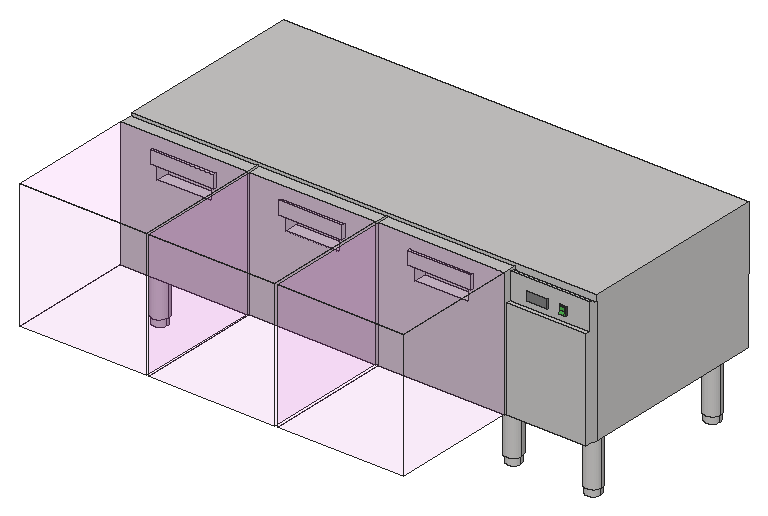
Revit family "QF_ELECTROLUXPROFESSIONAL_371292_E7TTAECOMKN", category Specialty Equipment, Revit 2018
Family settings
  Round Connector Dimension = Use Diameter
  Part Type = Normal
  Work Plane-Based = No
  Always vertical = Yes
  Cut with Voids When Loaded = No
  Shared = No
  Room Calculation Point = No
Parameters (values of type "Standard")
  Weight = 110.00 kg
  Watts = 0 W
  Volts = 220 V
  URL Manufacturer = "http://professional.electrolux.com"
  URL = "http://professional.electrolux.com"
  Steam Supply Size = 0 mm
  Steam Supply Minimum Pressure = 0.0 Pa
  Steam Supply Maximum Pressure = 0.0 Pa
  Steam Pounds per Hour = 0
  Refrigeration Suction Line Size = 0 mm
  Refrigeration Liquid Line Size = 0 mm
  Refrigerant Compressor Remote = yes
  Manufacturer = "Electrolux Professional"
  Phase = 1
  Model = "E7TTAECOMKN"
  Length Actual = 1600 mm  # constant formula
  Item Number = "371292"
  Hot Water Size = 0 mm
  Height Actual = 600 mm  # constant formula
  HP = "0.5 HP"
  Gas Size = 0 mm
  Gas KW = 0
  Gas Input Pressure = 0 W
  Direct Waste Size = 12.7 mm
  Description = "REFRIGERATED BASE WITH 3 DRAWERS 1600MM - R290"
  Depth Actual = 700 mm  # constant formula
  Cycle = 50 Hz
  Condensate Return Size = 0 mm
  Compressed Air Volume = 0.0 L/s
  Compressed Air Size = 0 mm
  Compressed Air Pressure = 0.0 Pa
  Cold Water Size = 0 mm
  Accessory = yes
Values of the unnamed type that differ from the named types
  Volts = 0 V
  URL Manufacturer = ""
  Item Number = ""
  Cycle = 0 Hz
Reference planes
  plane 1 "Center X": y = 0
  plane 2: z = 0
  plane 3 "Centro (Sinistra/Destra)": x = 0
  plane 4: z = 200
  plane 5 "TOP": z = 650
  plane 6 "BACK": y = 350
  plane 7 "FRONT": y = -350
  plane 8 "LEFT": x = -800
  plane 9 "RIGHT": x = 800
  plane 10: y = -303
  plane 11: y = -348
  plane 12: x = -745
  plane 13: x = 745
  plane 14: x = 471
  plane 15: y = 262
  plane 16: y = -249
  plane 17: x = 286
  plane 18: x = -799
  plane 19: x = 799
  plane 20: y = 190
  plane 21: x = 560
Forms (mm)
  Extrusion 1, solid, material "QF_Finishes_Stainless Steel"
    sketch origin (0, 0, 650) x (-1, 0, 0) y (0, -1, 0)
      loop
        line (799, -350) -> (799, 303) -> (-799, 303) -> (-799, -350) -> (799, -350)
    from -450 to 0
  Extrusion 2, solid, material "QF_Finishes_Stainless Steel"
    sketch origin (196, -342.999, 0) x (-1, 0, 0) y (0, 0, 1)
      loop
        line (995, 201.587) -> (995, 640.994) -> (560.999, 640.994) -> (560.999, 201.587) -> (995, 201.587)
      loop
        line (871.3, 506.706) -> (871.3, 585) -> (684.699, 585) -> (684.699, 506.706) -> (871.3, 506.706)
    from -5.001 to 39.999
  Extrusion 3, solid, material "QF_Door-Drawer Clearances"
    sketch origin (196, -348, 0) x (1, 0, 0) y (0, 0, 1)
      loop
        line (-995, 640.994) -> (-995, 201.587) -> (-560.999, 201.587) -> (-560.999, 640.994) -> (-995, 640.994)
    from 0 to 434
  Extrusion 4, solid, material "QF_Finishes_Stainless Steel"
    sketch origin (196, -348, 0) x (1, 0, 0) y (0, 0, 1)
      loop
        line (-886.3, 598.969) -> (-886.3, 553.969) -> (-669.699, 553.969) -> (-669.699, 598.969) -> (-886.3, 598.969)
    from 0 to 10
  Extrusion 5, solid, material "QF_Finishes_Stainless Steel"
    sketch origin (200, 0, 0) x (1, 0, 0) y (0, 1, 0)
      loop
        circle (560, 190) r 6
    from 189.987 to 200
  Extrusion 6, solid, material "QF_Finishes_Stainless Steel"
    sketch origin (799, 66.551, 0) x (0, 1, 0) y (0, 0, 1)
      loop
        line (-369.551, 629.527) -> (-386.314, 640.994) -> (-397.65, 640.994) -> (-397.65, 549.796) -> (-414.551, 549.796) -> (-414.551, 204.796) -> (-384.714, 204.796) -> (-374.993, 200) -> (-369.551, 200) -> (-369.551, 629.527)
    from 0 to -271
  Extrusion 7, solid, material "QF_Finishes_Black"
    sketch origin (783, -331.099, 630.994) x (0, 0, -1) y (1, 0, 0)
      loop
        line (32.198, -86.899) -> (61.199, -86.899) -> (61.199, -64.9) -> (32.198, -64.9) -> (32.198, -86.899)
    from 0 to 1.6
  Extrusion 8, solid, material "QF_Finishes_Grey"
    sketch origin (789, -331.099, 630.994) x (0, 0, -1) y (1, 0, 0)
      loop
        line (32.198, -206.099) -> (61.199, -206.099) -> (61.199, -136.099) -> (32.198, -136.099) -> (32.198, -206.099)
    from 0 to 1.6
  Extrusion 9, solid, material "QF_Finishes_Green"
    sketch origin (718.1, -331.099, 598.796) x (0, 0, -1) y (0, 1, 0)
      loop
        line (2.279, -3.281) -> (14.5, -3.281) -> (25.308, -8.985)
        arc (25.308, -8.985) -> (26.537, -5.394) -> (26.605, -1.6) r 12.221
        line (26.605, -1.6) -> (2.395, -1.6)
        arc (2.395, -1.6) -> (2.308, -2.439) -> (2.279, -3.281) r 12.221
    from -20 to -2
  Extrusion 10, solid, material "QF_Finishes_Stainless Steel"
    sketch origin (640.331, -342.999, 0) x (-1, 0, 0) y (0, 0, 1)
      loop
        line (997, 201.587) -> (997, 640.994) -> (563, 640.994) -> (563, 201.587) -> (997, 201.587)
      loop
        line (873.3, 506.706) -> (873.3, 585) -> (686.699, 585) -> (686.699, 506.706) -> (873.3, 506.706)
    from -5.001 to 39.999
  Extrusion 11, solid, material "QF_Door-Drawer Clearances"
    sketch origin (640.331, -348, 0) x (1, 0, 0) y (0, 0, 1)
      loop
        line (-997, 640.994) -> (-997, 201.587) -> (-563, 201.587) -> (-563, 640.994) -> (-997, 640.994)
    from 0 to 434
  Extrusion 12, solid, material "QF_Finishes_Stainless Steel"
    sketch origin (640.331, -348, 0) x (1, 0, 0) y (0, 0, 1)
      loop
        line (-888.3, 598.969) -> (-888.3, 553.969) -> (-671.699, 553.969) -> (-671.699, 598.969) -> (-888.3, 598.969)
    from 0 to 10
  Extrusion 13, solid, material "QF_Finishes_Stainless Steel"
    sketch origin (1073.161, -342.999, 0) x (-1, 0, 0) y (0, 0, 1)
      loop
        line (553.5, 201.587) -> (987.5, 201.587) -> (987.5, 640.994) -> (553.5, 640.994) -> (553.5, 201.587)
      loop
        line (863.8, 506.706) -> (863.8, 585) -> (677.199, 585) -> (677.199, 506.706) -> (863.8, 506.706)
    from -5.001 to 39.999
  Extrusion 14, solid, material "QF_Door-Drawer Clearances"
    sketch origin (1073.161, -348, 0) x (1, 0, 0) y (0, 0, 1)
      loop
        line (-553.5, 640.994) -> (-987.5, 640.994) -> (-987.5, 201.587) -> (-553.5, 201.587) -> (-553.5, 640.994)
    from 0 to 434
  Extrusion 15, solid, material "QF_Finishes_Stainless Steel"
    sketch origin (1073.161, -348, 0) x (1, 0, 0) y (0, 0, 1)
      loop
        line (-878.8, 598.969) -> (-878.8, 553.969) -> (-662.199, 553.969) -> (-662.199, 598.969) -> (-878.8, 598.969)
    from 0 to 10
Lines and regions (mm)
  Split face 1
    outline origin (789, -332.699, 630.994) x (0, 0, -1) y (1, 0, 0)
      loop
        line (37.198, -196.099) -> (52.198, -196.099) -> (52.198, -146.099) -> (37.198, -146.099) -> (37.198, -196.099)
  Split face 2
    outline origin (789, -332.699, 630.994) x (0, 0, -1) y (1, 0, 0)
      loop
        circle (44.698, -143.099) r 1.2
  Split face 3
    outline origin (789, -332.699, 630.994) x (0, 0, -1) y (1, 0, 0)
      loop
        circle (39.698, -143.099) r 1.2
  Split face 4
    outline origin (789, -332.699, 630.994) x (0, 0, -1) y (1, 0, 0)
      loop
        circle (49.698, -143.099) r 1.2
  Split face 5
    outline origin (789, -332.699, 630.994) x (0, 0, -1) y (1, 0, 0)
      loop
        circle (39.698, -199.099) r 1.2
  Split face 6
    outline origin (789, -332.699, 630.994) x (0, 0, -1) y (1, 0, 0)
      loop
        circle (44.698, -199.099) r 1.2
  Split face 7
    outline origin (789, -332.699, 630.994) x (0, 0, -1) y (1, 0, 0)
      loop
        circle (49.698, -199.099) r 1.2
  Split face 8
    outline origin (789, -332.699, 630.994) x (0, 0, -1) y (1, 0, 0)
      loop
        line (59.151, -196.099) -> (59.151, -185.099) -> (54.151, -185.099) -> (54.151, -196.099) -> (59.151, -196.099)
  Split face 9
    outline origin (789, -332.699, 630.994) x (0, 0, -1) y (1, 0, 0)
      loop
        line (54.151, -183.099) -> (59.151, -183.099) -> (59.151, -172.099) -> (54.151, -172.099) -> (54.151, -183.099)
  Split face 10
    outline origin (802, -332.699, 630.994) x (0, 0, -1) y (1, 0, 0)
      loop
        line (54.151, -183.099) -> (59.151, -183.099) -> (59.151, -172.099) -> (54.151, -172.099) -> (54.151, -183.099)
  Split face 11
    outline origin (815, -332.699, 630.994) x (0, 0, -1) y (1, 0, 0)
      loop
        line (54.151, -183.099) -> (59.151, -183.099) -> (59.151, -172.099) -> (54.151, -172.099) -> (54.151, -183.099)
  Split face 12
    outline origin (799, -348, 412.291) x (0, 0, -1) y (1, 0, 0)
      loop
        arc (-85.025, -240.599) -> (-81.004, -236.61) -> (-85.004, -232.599) r 4
        line (-85.004, -232.599) -> (-117.004, -232.599)
        arc (-117.004, -232.599) -> (-121.004, -236.61) -> (-116.984, -240.599) r 4
        line (-116.984, -240.599) -> (-85.025, -240.599)
  Split face 13
    outline origin (811, -348, 412.291) x (0, 0, -1) y (1, 0, 0)
      loop
        arc (-85.025, -240.599) -> (-81.004, -236.61) -> (-85.004, -232.599) r 4
        line (-85.004, -232.599) -> (-117.004, -232.599)
        arc (-117.004, -232.599) -> (-121.004, -236.61) -> (-116.984, -240.599) r 4
        line (-116.984, -240.599) -> (-85.025, -240.599)
  Split face 14
    outline origin (823, -348, 412.291) x (0, 0, -1) y (1, 0, 0)
      loop
        arc (-85.025, -240.599) -> (-81.004, -236.61) -> (-85.004, -232.599) r 4
        line (-85.004, -232.599) -> (-117.004, -232.599)
        arc (-117.004, -232.599) -> (-121.004, -236.61) -> (-116.984, -240.599) r 4
        line (-116.984, -240.599) -> (-85.025, -240.599)
  Split face 15
    outline origin (834.897, -348, 412.291) x (0, 0, -1) y (1, 0, 0)
      loop
        arc (-85.025, -240.599) -> (-81.004, -236.61) -> (-85.004, -232.599) r 4
        line (-85.004, -232.599) -> (-117.004, -232.599)
        arc (-117.004, -232.599) -> (-121.004, -236.61) -> (-116.984, -240.599) r 4
        line (-116.984, -240.599) -> (-85.025, -240.599)
  Split face 16
    outline origin (846.896, -348, 412.291) x (0, 0, -1) y (1, 0, 0)
      loop
        arc (-85.025, -240.599) -> (-81.004, -236.61) -> (-85.004, -232.599) r 4
        line (-85.004, -232.599) -> (-117.004, -232.599)
        arc (-117.004, -232.599) -> (-121.004, -236.61) -> (-116.984, -240.599) r 4
        line (-116.984, -240.599) -> (-85.025, -240.599)
  Split face 17
    outline origin (858.896, -348, 412.291) x (0, 0, -1) y (1, 0, 0)
      loop
        arc (-85.025, -240.599) -> (-81.004, -236.61) -> (-85.004, -232.599) r 4
        line (-85.004, -232.599) -> (-117.004, -232.599)
        arc (-117.004, -232.599) -> (-121.004, -236.61) -> (-116.984, -240.599) r 4
        line (-116.984, -240.599) -> (-85.025, -240.599)
  Split face 18
    outline origin (870.896, -348, 412.291) x (0, 0, -1) y (1, 0, 0)
      loop
        arc (-85.025, -240.599) -> (-81.004, -236.61) -> (-85.004, -232.599) r 4
        line (-85.004, -232.599) -> (-117.004, -232.599)
        arc (-117.004, -232.599) -> (-121.004, -236.61) -> (-116.984, -240.599) r 4
        line (-116.984, -240.599) -> (-85.025, -240.599)
  Split face 19
    outline origin (882.897, -348, 412.291) x (0, 0, -1) y (1, 0, 0)
      loop
        arc (-85.025, -240.599) -> (-81.004, -236.61) -> (-85.004, -232.599) r 4
        line (-85.004, -232.599) -> (-117.004, -232.599)
        arc (-117.004, -232.599) -> (-121.004, -236.61) -> (-116.984, -240.599) r 4
        line (-116.984, -240.599) -> (-85.025, -240.599)
  Split face 20
    outline origin (894.896, -348, 412.291) x (0, 0, -1) y (1, 0, 0)
      loop
        arc (-85.025, -240.599) -> (-81.004, -236.61) -> (-85.004, -232.599) r 4
        line (-85.004, -232.599) -> (-117.004, -232.599)
        arc (-117.004, -232.599) -> (-121.004, -236.61) -> (-116.984, -240.599) r 4
        line (-116.984, -240.599) -> (-85.025, -240.599)
  Split face 21
    outline origin (906.896, -348, 412.291) x (0, 0, -1) y (1, 0, 0)
      loop
        arc (-85.025, -242.399) -> (-81.004, -238.41) -> (-85.004, -234.4) r 4
        line (-85.004, -234.4) -> (-117.004, -234.4)
        arc (-117.004, -234.4) -> (-121.004, -238.41) -> (-116.984, -242.399) r 4
        line (-116.984, -242.399) -> (-85.025, -242.399)
  Split face 22
    outline origin (918.896, -348, 412.291) x (0, 0, -1) y (1, 0, 0)
      loop
        arc (-85.025, -242.399) -> (-81.004, -238.41) -> (-85.004, -234.4) r 4
        line (-85.004, -234.4) -> (-117.004, -234.4)
        arc (-117.004, -234.4) -> (-121.004, -238.41) -> (-116.984, -242.399) r 4
        line (-116.984, -242.399) -> (-85.025, -242.399)
  Split face 23
    outline origin (930.896, -348, 412.291) x (0, 0, -1) y (1, 0, 0)
      loop
        arc (-85.025, -242.399) -> (-81.004, -238.41) -> (-85.004, -234.4) r 4
        line (-85.004, -234.4) -> (-117.004, -234.4)
        arc (-117.004, -234.4) -> (-121.004, -238.41) -> (-116.984, -242.399) r 4
        line (-116.984, -242.399) -> (-85.025, -242.399)
  Split face 24
    outline origin (942.896, -348, 412.291) x (0, 0, -1) y (1, 0, 0)
      loop
        arc (-85.025, -242.399) -> (-81.004, -238.41) -> (-85.004, -234.4) r 4
        line (-85.004, -234.4) -> (-117.004, -234.4)
        arc (-117.004, -234.4) -> (-121.004, -238.41) -> (-116.984, -242.399) r 4
        line (-116.984, -242.399) -> (-85.025, -242.399)
  Split face 25
    outline origin (954.896, -348, 412.291) x (0, 0, -1) y (1, 0, 0)
      loop
        arc (-85.025, -242.399) -> (-81.004, -238.41) -> (-85.004, -234.4) r 4
        line (-85.004, -234.4) -> (-117.004, -234.4)
        arc (-117.004, -234.4) -> (-121.004, -238.41) -> (-116.984, -242.399) r 4
        line (-116.984, -242.399) -> (-85.025, -242.399)
  Split face 26
    outline origin (966.896, -348, 412.291) x (0, 0, -1) y (1, 0, 0)
      loop
        arc (-85.025, -242.399) -> (-81.004, -238.41) -> (-85.004, -234.4) r 4
        line (-85.004, -234.4) -> (-117.004, -234.4)
        arc (-117.004, -234.4) -> (-121.004, -238.41) -> (-116.984, -242.399) r 4
        line (-116.984, -242.399) -> (-85.025, -242.399)
  Split face 27
    outline origin (978.896, -348, 412.291) x (0, 0, -1) y (1, 0, 0)
      loop
        arc (-85.025, -242.399) -> (-81.004, -238.41) -> (-85.004, -234.4) r 4
        line (-85.004, -234.4) -> (-117.004, -234.4)
        arc (-117.004, -234.4) -> (-121.004, -238.41) -> (-116.984, -242.399) r 4
        line (-116.984, -242.399) -> (-85.025, -242.399)
  Split face 28
    outline origin (990.896, -348, 412.291) x (0, 0, -1) y (1, 0, 0)
      loop
        arc (-85.025, -242.399) -> (-81.004, -238.41) -> (-85.004, -234.4) r 4
        line (-85.004, -234.4) -> (-117.004, -234.4)
        arc (-117.004, -234.4) -> (-121.004, -238.41) -> (-116.984, -242.399) r 4
        line (-116.984, -242.399) -> (-85.025, -242.399)
  Split face 29
    outline origin (1002.896, -348, 412.291) x (0, 0, -1) y (1, 0, 0)
      loop
        arc (-85.025, -242.399) -> (-81.004, -238.41) -> (-85.004, -234.4) r 4
        line (-85.004, -234.4) -> (-117.004, -234.4)
        arc (-117.004, -234.4) -> (-121.004, -238.41) -> (-116.984, -242.399) r 4
        line (-116.984, -242.399) -> (-85.025, -242.399)
  Split face 30
    outline origin (1014.896, -348, 412.291) x (0, 0, -1) y (1, 0, 0)
      loop
        arc (-85.025, -242.399) -> (-81.004, -238.41) -> (-85.004, -234.4) r 4
        line (-85.004, -234.4) -> (-117.004, -234.4)
        arc (-117.004, -234.4) -> (-121.004, -238.41) -> (-116.984, -242.399) r 4
        line (-116.984, -242.399) -> (-85.025, -242.399)
  Split face 31
    outline origin (787, -348, 412.291) x (0, 0, -1) y (1, 0, 0)
      loop
        arc (-85.025, -240.599) -> (-81.004, -236.61) -> (-85.004, -232.599) r 4
        line (-85.004, -232.599) -> (-117.004, -232.599)
        arc (-117.004, -232.599) -> (-121.004, -236.61) -> (-116.984, -240.599) r 4
        line (-116.984, -240.599) -> (-85.025, -240.599)
  Split face 32
    outline origin (799, -348, 367.29) x (0, 0, -1) y (1, 0, 0)
      loop
        arc (-85.025, -240.599) -> (-81.004, -236.61) -> (-85.004, -232.599) r 4
        line (-85.004, -232.599) -> (-117.004, -232.599)
        arc (-117.004, -232.599) -> (-121.004, -236.61) -> (-116.984, -240.599) r 4
        line (-116.984, -240.599) -> (-85.025, -240.599)
  Split face 33
    outline origin (811, -348, 367.29) x (0, 0, -1) y (1, 0, 0)
      loop
        arc (-85.025, -240.599) -> (-81.004, -236.61) -> (-85.004, -232.599) r 4
        line (-85.004, -232.599) -> (-117.004, -232.599)
        arc (-117.004, -232.599) -> (-121.004, -236.61) -> (-116.984, -240.599) r 4
        line (-116.984, -240.599) -> (-85.025, -240.599)
  Split face 34
    outline origin (823, -348, 367.29) x (0, 0, -1) y (1, 0, 0)
      loop
        arc (-85.025, -240.599) -> (-81.004, -236.61) -> (-85.004, -232.599) r 4
        line (-85.004, -232.599) -> (-117.004, -232.599)
        arc (-117.004, -232.599) -> (-121.004, -236.61) -> (-116.984, -240.599) r 4
        line (-116.984, -240.599) -> (-85.025, -240.599)
  Split face 35
    outline origin (834.897, -348, 367.29) x (0, 0, -1) y (1, 0, 0)
      loop
        arc (-85.025, -240.599) -> (-81.004, -236.61) -> (-85.004, -232.599) r 4
        line (-85.004, -232.599) -> (-117.004, -232.599)
        arc (-117.004, -232.599) -> (-121.004, -236.61) -> (-116.984, -240.599) r 4
        line (-116.984, -240.599) -> (-85.025, -240.599)
  Split face 36
    outline origin (846.896, -348, 367.29) x (0, 0, -1) y (1, 0, 0)
      loop
        arc (-85.025, -240.599) -> (-81.004, -236.61) -> (-85.004, -232.599) r 4
        line (-85.004, -232.599) -> (-117.004, -232.599)
        arc (-117.004, -232.599) -> (-121.004, -236.61) -> (-116.984, -240.599) r 4
        line (-116.984, -240.599) -> (-85.025, -240.599)
  Split face 37
    outline origin (858.896, -348, 367.29) x (0, 0, -1) y (1, 0, 0)
      loop
        arc (-85.025, -240.599) -> (-81.004, -236.61) -> (-85.004, -232.599) r 4
        line (-85.004, -232.599) -> (-117.004, -232.599)
        arc (-117.004, -232.599) -> (-121.004, -236.61) -> (-116.984, -240.599) r 4
        line (-116.984, -240.599) -> (-85.025, -240.599)
  Split face 38
    outline origin (870.896, -348, 367.29) x (0, 0, -1) y (1, 0, 0)
      loop
        arc (-85.025, -240.599) -> (-81.004, -236.61) -> (-85.004, -232.599) r 4
        line (-85.004, -232.599) -> (-117.004, -232.599)
        arc (-117.004, -232.599) -> (-121.004, -236.61) -> (-116.984, -240.599) r 4
        line (-116.984, -240.599) -> (-85.025, -240.599)
  Split face 39
    outline origin (882.897, -348, 367.29) x (0, 0, -1) y (1, 0, 0)
      loop
        arc (-85.025, -240.599) -> (-81.004, -236.61) -> (-85.004, -232.599) r 4
        line (-85.004, -232.599) -> (-117.004, -232.599)
        arc (-117.004, -232.599) -> (-121.004, -236.61) -> (-116.984, -240.599) r 4
        line (-116.984, -240.599) -> (-85.025, -240.599)
  Split face 40
    outline origin (894.896, -348, 367.29) x (0, 0, -1) y (1, 0, 0)
      loop
        arc (-85.025, -240.599) -> (-81.004, -236.61) -> (-85.004, -232.599) r 4
        line (-85.004, -232.599) -> (-117.004, -232.599)
        arc (-117.004, -232.599) -> (-121.004, -236.61) -> (-116.984, -240.599) r 4
        line (-116.984, -240.599) -> (-85.025, -240.599)
  Split face 41
    outline origin (906.896, -348, 367.29) x (0, 0, -1) y (1, 0, 0)
      loop
        arc (-85.025, -242.399) -> (-81.004, -238.41) -> (-85.004, -234.4) r 4
        line (-85.004, -234.4) -> (-117.004, -234.4)
        arc (-117.004, -234.4) -> (-121.004, -238.41) -> (-116.984, -242.399) r 4
        line (-116.984, -242.399) -> (-85.025, -242.399)
  Split face 42
    outline origin (918.896, -348, 367.29) x (0, 0, -1) y (1, 0, 0)
      loop
        arc (-85.025, -242.399) -> (-81.004, -238.41) -> (-85.004, -234.4) r 4
        line (-85.004, -234.4) -> (-117.004, -234.4)
        arc (-117.004, -234.4) -> (-121.004, -238.41) -> (-116.984, -242.399) r 4
        line (-116.984, -242.399) -> (-85.025, -242.399)
  Split face 43
    outline origin (930.896, -348, 367.29) x (0, 0, -1) y (1, 0, 0)
      loop
        arc (-85.025, -242.399) -> (-81.004, -238.41) -> (-85.004, -234.4) r 4
        line (-85.004, -234.4) -> (-117.004, -234.4)
        arc (-117.004, -234.4) -> (-121.004, -238.41) -> (-116.984, -242.399) r 4
        line (-116.984, -242.399) -> (-85.025, -242.399)
  Split face 44
    outline origin (942.896, -348, 367.29) x (0, 0, -1) y (1, 0, 0)
      loop
        arc (-85.025, -242.399) -> (-81.004, -238.41) -> (-85.004, -234.4) r 4
        line (-85.004, -234.4) -> (-117.004, -234.4)
        arc (-117.004, -234.4) -> (-121.004, -238.41) -> (-116.984, -242.399) r 4
        line (-116.984, -242.399) -> (-85.025, -242.399)
  Split face 45
    outline origin (954.896, -348, 367.29) x (0, 0, -1) y (1, 0, 0)
      loop
        arc (-85.025, -242.399) -> (-81.004, -238.41) -> (-85.004, -234.4) r 4
        line (-85.004, -234.4) -> (-117.004, -234.4)
        arc (-117.004, -234.4) -> (-121.004, -238.41) -> (-116.984, -242.399) r 4
        line (-116.984, -242.399) -> (-85.025, -242.399)
  Split face 46
    outline origin (966.896, -348, 367.29) x (0, 0, -1) y (1, 0, 0)
      loop
        arc (-85.025, -242.399) -> (-81.004, -238.41) -> (-85.004, -234.4) r 4
        line (-85.004, -234.4) -> (-117.004, -234.4)
        arc (-117.004, -234.4) -> (-121.004, -238.41) -> (-116.984, -242.399) r 4
        line (-116.984, -242.399) -> (-85.025, -242.399)
  Split face 47
    outline origin (978.896, -348, 367.29) x (0, 0, -1) y (1, 0, 0)
      loop
        arc (-85.025, -242.399) -> (-81.004, -238.41) -> (-85.004, -234.4) r 4
        line (-85.004, -234.4) -> (-117.004, -234.4)
        arc (-117.004, -234.4) -> (-121.004, -238.41) -> (-116.984, -242.399) r 4
        line (-116.984, -242.399) -> (-85.025, -242.399)
  Split face 48
    outline origin (990.896, -348, 367.29) x (0, 0, -1) y (1, 0, 0)
      loop
        arc (-85.025, -242.399) -> (-81.004, -238.41) -> (-85.004, -234.4) r 4
        line (-85.004, -234.4) -> (-117.004, -234.4)
        arc (-117.004, -234.4) -> (-121.004, -238.41) -> (-116.984, -242.399) r 4
        line (-116.984, -242.399) -> (-85.025, -242.399)
  Split face 49
    outline origin (1002.896, -348, 367.29) x (0, 0, -1) y (1, 0, 0)
      loop
        arc (-85.025, -242.399) -> (-81.004, -238.41) -> (-85.004, -234.4) r 4
        line (-85.004, -234.4) -> (-117.004, -234.4)
        arc (-117.004, -234.4) -> (-121.004, -238.41) -> (-116.984, -242.399) r 4
        line (-116.984, -242.399) -> (-85.025, -242.399)
  Split face 50
    outline origin (1014.896, -348, 367.29) x (0, 0, -1) y (1, 0, 0)
      loop
        arc (-85.025, -242.399) -> (-81.004, -238.41) -> (-85.004, -234.4) r 4
        line (-85.004, -234.4) -> (-117.004, -234.4)
        arc (-117.004, -234.4) -> (-121.004, -238.41) -> (-116.984, -242.399) r 4
        line (-116.984, -242.399) -> (-85.025, -242.399)
  Split face 51
    outline origin (787, -348, 367.29) x (0, 0, -1) y (1, 0, 0)
      loop
        arc (-85.025, -240.599) -> (-81.004, -236.61) -> (-85.004, -232.599) r 4
        line (-85.004, -232.599) -> (-117.004, -232.599)
        arc (-117.004, -232.599) -> (-121.004, -236.61) -> (-116.984, -240.599) r 4
        line (-116.984, -240.599) -> (-85.025, -240.599)
  Split face 52
    outline origin (799, -348, 322.29) x (0, 0, -1) y (1, 0, 0)
      loop
        arc (-85.025, -240.599) -> (-81.004, -236.61) -> (-85.004, -232.599) r 4
        line (-85.004, -232.599) -> (-117.004, -232.599)
        arc (-117.004, -232.599) -> (-121.004, -236.61) -> (-116.984, -240.599) r 4
        line (-116.984, -240.599) -> (-85.025, -240.599)
  Split face 53
    outline origin (811, -348, 322.29) x (0, 0, -1) y (1, 0, 0)
      loop
        arc (-85.025, -240.599) -> (-81.004, -236.61) -> (-85.004, -232.599) r 4
        line (-85.004, -232.599) -> (-117.004, -232.599)
        arc (-117.004, -232.599) -> (-121.004, -236.61) -> (-116.984, -240.599) r 4
        line (-116.984, -240.599) -> (-85.025, -240.599)
  Split face 54
    outline origin (823, -348, 322.29) x (0, 0, -1) y (1, 0, 0)
      loop
        arc (-85.025, -240.599) -> (-81.004, -236.61) -> (-85.004, -232.599) r 4
        line (-85.004, -232.599) -> (-117.004, -232.599)
        arc (-117.004, -232.599) -> (-121.004, -236.61) -> (-116.984, -240.599) r 4
        line (-116.984, -240.599) -> (-85.025, -240.599)
  Split face 55
    outline origin (834.897, -348, 322.29) x (0, 0, -1) y (1, 0, 0)
      loop
        arc (-85.025, -240.599) -> (-81.004, -236.61) -> (-85.004, -232.599) r 4
        line (-85.004, -232.599) -> (-117.004, -232.599)
        arc (-117.004, -232.599) -> (-121.004, -236.61) -> (-116.984, -240.599) r 4
        line (-116.984, -240.599) -> (-85.025, -240.599)
  Split face 56
    outline origin (846.896, -348, 322.29) x (0, 0, -1) y (1, 0, 0)
      loop
        arc (-85.025, -240.599) -> (-81.004, -236.61) -> (-85.004, -232.599) r 4
        line (-85.004, -232.599) -> (-117.004, -232.599)
        arc (-117.004, -232.599) -> (-121.004, -236.61) -> (-116.984, -240.599) r 4
        line (-116.984, -240.599) -> (-85.025, -240.599)
  Split face 57
    outline origin (858.896, -348, 322.29) x (0, 0, -1) y (1, 0, 0)
      loop
        arc (-85.025, -240.599) -> (-81.004, -236.61) -> (-85.004, -232.599) r 4
        line (-85.004, -232.599) -> (-117.004, -232.599)
        arc (-117.004, -232.599) -> (-121.004, -236.61) -> (-116.984, -240.599) r 4
        line (-116.984, -240.599) -> (-85.025, -240.599)
  Split face 58
    outline origin (870.896, -348, 322.29) x (0, 0, -1) y (1, 0, 0)
      loop
        arc (-85.025, -240.599) -> (-81.004, -236.61) -> (-85.004, -232.599) r 4
        line (-85.004, -232.599) -> (-117.004, -232.599)
        arc (-117.004, -232.599) -> (-121.004, -236.61) -> (-116.984, -240.599) r 4
        line (-116.984, -240.599) -> (-85.025, -240.599)
  Split face 59
    outline origin (882.897, -348, 322.29) x (0, 0, -1) y (1, 0, 0)
      loop
        arc (-85.025, -240.599) -> (-81.004, -236.61) -> (-85.004, -232.599) r 4
        line (-85.004, -232.599) -> (-117.004, -232.599)
        arc (-117.004, -232.599) -> (-121.004, -236.61) -> (-116.984, -240.599) r 4
        line (-116.984, -240.599) -> (-85.025, -240.599)
  Split face 60
    outline origin (894.896, -348, 322.29) x (0, 0, -1) y (1, 0, 0)
      loop
        arc (-85.025, -240.599) -> (-81.004, -236.61) -> (-85.004, -232.599) r 4
        line (-85.004, -232.599) -> (-117.004, -232.599)
        arc (-117.004, -232.599) -> (-121.004, -236.61) -> (-116.984, -240.599) r 4
        line (-116.984, -240.599) -> (-85.025, -240.599)
  Split face 61
    outline origin (906.896, -348, 322.29) x (0, 0, -1) y (1, 0, 0)
      loop
        arc (-85.025, -242.399) -> (-81.004, -238.41) -> (-85.004, -234.4) r 4
        line (-85.004, -234.4) -> (-117.004, -234.4)
        arc (-117.004, -234.4) -> (-121.004, -238.41) -> (-116.984, -242.399) r 4
        line (-116.984, -242.399) -> (-85.025, -242.399)
  Split face 62
    outline origin (918.896, -348, 322.29) x (0, 0, -1) y (1, 0, 0)
      loop
        arc (-85.025, -242.399) -> (-81.004, -238.41) -> (-85.004, -234.4) r 4
        line (-85.004, -234.4) -> (-117.004, -234.4)
        arc (-117.004, -234.4) -> (-121.004, -238.41) -> (-116.984, -242.399) r 4
        line (-116.984, -242.399) -> (-85.025, -242.399)
  Split face 63
    outline origin (930.896, -348, 322.29) x (0, 0, -1) y (1, 0, 0)
      loop
        arc (-85.025, -242.399) -> (-81.004, -238.41) -> (-85.004, -234.4) r 4
        line (-85.004, -234.4) -> (-117.004, -234.4)
        arc (-117.004, -234.4) -> (-121.004, -238.41) -> (-116.984, -242.399) r 4
        line (-116.984, -242.399) -> (-85.025, -242.399)
  Split face 64
    outline origin (942.896, -348, 322.29) x (0, 0, -1) y (1, 0, 0)
      loop
        arc (-85.025, -242.399) -> (-81.004, -238.41) -> (-85.004, -234.4) r 4
        line (-85.004, -234.4) -> (-117.004, -234.4)
        arc (-117.004, -234.4) -> (-121.004, -238.41) -> (-116.984, -242.399) r 4
        line (-116.984, -242.399) -> (-85.025, -242.399)
  Split face 65
    outline origin (954.896, -348, 322.29) x (0, 0, -1) y (1, 0, 0)
      loop
        arc (-85.025, -242.399) -> (-81.004, -238.41) -> (-85.004, -234.4) r 4
        line (-85.004, -234.4) -> (-117.004, -234.4)
        arc (-117.004, -234.4) -> (-121.004, -238.41) -> (-116.984, -242.399) r 4
        line (-116.984, -242.399) -> (-85.025, -242.399)
  Split face 66
    outline origin (966.896, -348, 322.29) x (0, 0, -1) y (1, 0, 0)
      loop
        arc (-85.025, -242.399) -> (-81.004, -238.41) -> (-85.004, -234.4) r 4
        line (-85.004, -234.4) -> (-117.004, -234.4)
        arc (-117.004, -234.4) -> (-121.004, -238.41) -> (-116.984, -242.399) r 4
        line (-116.984, -242.399) -> (-85.025, -242.399)
  Split face 67
    outline origin (978.896, -348, 322.29) x (0, 0, -1) y (1, 0, 0)
      loop
        arc (-85.025, -242.399) -> (-81.004, -238.41) -> (-85.004, -234.4) r 4
        line (-85.004, -234.4) -> (-117.004, -234.4)
        arc (-117.004, -234.4) -> (-121.004, -238.41) -> (-116.984, -242.399) r 4
        line (-116.984, -242.399) -> (-85.025, -242.399)
  Split face 68
    outline origin (990.896, -348, 322.29) x (0, 0, -1) y (1, 0, 0)
      loop
        arc (-85.025, -242.399) -> (-81.004, -238.41) -> (-85.004, -234.4) r 4
        line (-85.004, -234.4) -> (-117.004, -234.4)
        arc (-117.004, -234.4) -> (-121.004, -238.41) -> (-116.984, -242.399) r 4
        line (-116.984, -242.399) -> (-85.025, -242.399)
  Split face 69
    outline origin (1002.896, -348, 322.29) x (0, 0, -1) y (1, 0, 0)
      loop
        arc (-85.025, -242.399) -> (-81.004, -238.41) -> (-85.004, -234.4) r 4
        line (-85.004, -234.4) -> (-117.004, -234.4)
        arc (-117.004, -234.4) -> (-121.004, -238.41) -> (-116.984, -242.399) r 4
        line (-116.984, -242.399) -> (-85.025, -242.399)
  Split face 70
    outline origin (1014.896, -348, 322.29) x (0, 0, -1) y (1, 0, 0)
      loop
        arc (-85.025, -242.399) -> (-81.004, -238.41) -> (-85.004, -234.4) r 4
        line (-85.004, -234.4) -> (-117.004, -234.4)
        arc (-117.004, -234.4) -> (-121.004, -238.41) -> (-116.984, -242.399) r 4
        line (-116.984, -242.399) -> (-85.025, -242.399)
  Split face 71
    outline origin (787, -348, 322.29) x (0, 0, -1) y (1, 0, 0)
      loop
        arc (-85.025, -240.599) -> (-81.004, -236.61) -> (-85.004, -232.599) r 4
        line (-85.004, -232.599) -> (-117.004, -232.599)
        arc (-117.004, -232.599) -> (-121.004, -236.61) -> (-116.984, -240.599) r 4
        line (-116.984, -240.599) -> (-85.025, -240.599)
  Split face 72
    outline origin (799, -348, 277.29) x (0, 0, -1) y (1, 0, 0)
      loop
        arc (-85.025, -240.599) -> (-81.004, -236.61) -> (-85.004, -232.599) r 4
        line (-85.004, -232.599) -> (-117.004, -232.599)
        arc (-117.004, -232.599) -> (-121.004, -236.61) -> (-116.984, -240.599) r 4
        line (-116.984, -240.599) -> (-85.025, -240.599)
  Split face 73
    outline origin (811, -348, 277.29) x (0, 0, -1) y (1, 0, 0)
      loop
        arc (-85.025, -240.599) -> (-81.004, -236.61) -> (-85.004, -232.599) r 4
        line (-85.004, -232.599) -> (-117.004, -232.599)
        arc (-117.004, -232.599) -> (-121.004, -236.61) -> (-116.984, -240.599) r 4
        line (-116.984, -240.599) -> (-85.025, -240.599)
  Split face 74
    outline origin (823, -348, 277.29) x (0, 0, -1) y (1, 0, 0)
      loop
        arc (-85.025, -240.599) -> (-81.004, -236.61) -> (-85.004, -232.599) r 4
        line (-85.004, -232.599) -> (-117.004, -232.599)
        arc (-117.004, -232.599) -> (-121.004, -236.61) -> (-116.984, -240.599) r 4
        line (-116.984, -240.599) -> (-85.025, -240.599)
  Split face 75
    outline origin (834.897, -348, 277.29) x (0, 0, -1) y (1, 0, 0)
      loop
        arc (-85.025, -240.599) -> (-81.004, -236.61) -> (-85.004, -232.599) r 4
        line (-85.004, -232.599) -> (-117.004, -232.599)
        arc (-117.004, -232.599) -> (-121.004, -236.61) -> (-116.984, -240.599) r 4
        line (-116.984, -240.599) -> (-85.025, -240.599)
  Split face 76
    outline origin (846.896, -348, 277.29) x (0, 0, -1) y (1, 0, 0)
      loop
        arc (-85.025, -240.599) -> (-81.004, -236.61) -> (-85.004, -232.599) r 4
        line (-85.004, -232.599) -> (-117.004, -232.599)
        arc (-117.004, -232.599) -> (-121.004, -236.61) -> (-116.984, -240.599) r 4
        line (-116.984, -240.599) -> (-85.025, -240.599)
  Split face 77
    outline origin (858.896, -348, 277.29) x (0, 0, -1) y (1, 0, 0)
      loop
        arc (-85.025, -240.599) -> (-81.004, -236.61) -> (-85.004, -232.599) r 4
        line (-85.004, -232.599) -> (-117.004, -232.599)
        arc (-117.004, -232.599) -> (-121.004, -236.61) -> (-116.984, -240.599) r 4
        line (-116.984, -240.599) -> (-85.025, -240.599)
  Split face 78
    outline origin (870.896, -348, 277.29) x (0, 0, -1) y (1, 0, 0)
      loop
        arc (-85.025, -240.599) -> (-81.004, -236.61) -> (-85.004, -232.599) r 4
        line (-85.004, -232.599) -> (-117.004, -232.599)
        arc (-117.004, -232.599) -> (-121.004, -236.61) -> (-116.984, -240.599) r 4
        line (-116.984, -240.599) -> (-85.025, -240.599)
  Split face 79
    outline origin (882.897, -348, 277.29) x (0, 0, -1) y (1, 0, 0)
      loop
        arc (-85.025, -240.599) -> (-81.004, -236.61) -> (-85.004, -232.599) r 4
        line (-85.004, -232.599) -> (-117.004, -232.599)
        arc (-117.004, -232.599) -> (-121.004, -236.61) -> (-116.984, -240.599) r 4
        line (-116.984, -240.599) -> (-85.025, -240.599)
  Split face 80
    outline origin (894.896, -348, 277.29) x (0, 0, -1) y (1, 0, 0)
      loop
        arc (-85.025, -240.599) -> (-81.004, -236.61) -> (-85.004, -232.599) r 4
        line (-85.004, -232.599) -> (-117.004, -232.599)
        arc (-117.004, -232.599) -> (-121.004, -236.61) -> (-116.984, -240.599) r 4
        line (-116.984, -240.599) -> (-85.025, -240.599)
  Split face 81
    outline origin (906.896, -348, 277.29) x (0, 0, -1) y (1, 0, 0)
      loop
        arc (-85.025, -242.399) -> (-81.004, -238.41) -> (-85.004, -234.4) r 4
        line (-85.004, -234.4) -> (-117.004, -234.4)
        arc (-117.004, -234.4) -> (-121.004, -238.41) -> (-116.984, -242.399) r 4
        line (-116.984, -242.399) -> (-85.025, -242.399)
  Split face 82
    outline origin (918.896, -348, 277.29) x (0, 0, -1) y (1, 0, 0)
      loop
        arc (-85.025, -242.399) -> (-81.004, -238.41) -> (-85.004, -234.4) r 4
        line (-85.004, -234.4) -> (-117.004, -234.4)
        arc (-117.004, -234.4) -> (-121.004, -238.41) -> (-116.984, -242.399) r 4
        line (-116.984, -242.399) -> (-85.025, -242.399)
  Split face 83
    outline origin (930.896, -348, 277.29) x (0, 0, -1) y (1, 0, 0)
      loop
        arc (-85.025, -242.399) -> (-81.004, -238.41) -> (-85.004, -234.4) r 4
        line (-85.004, -234.4) -> (-117.004, -234.4)
        arc (-117.004, -234.4) -> (-121.004, -238.41) -> (-116.984, -242.399) r 4
        line (-116.984, -242.399) -> (-85.025, -242.399)
  Split face 84
    outline origin (942.896, -348, 277.29) x (0, 0, -1) y (1, 0, 0)
      loop
        arc (-85.025, -242.399) -> (-81.004, -238.41) -> (-85.004, -234.4) r 4
        line (-85.004, -234.4) -> (-117.004, -234.4)
        arc (-117.004, -234.4) -> (-121.004, -238.41) -> (-116.984, -242.399) r 4
        line (-116.984, -242.399) -> (-85.025, -242.399)
  Split face 85
    outline origin (954.896, -348, 277.29) x (0, 0, -1) y (1, 0, 0)
      loop
        arc (-85.025, -242.399) -> (-81.004, -238.41) -> (-85.004, -234.4) r 4
        line (-85.004, -234.4) -> (-117.004, -234.4)
        arc (-117.004, -234.4) -> (-121.004, -238.41) -> (-116.984, -242.399) r 4
        line (-116.984, -242.399) -> (-85.025, -242.399)
  Split face 86
    outline origin (966.896, -348, 277.29) x (0, 0, -1) y (1, 0, 0)
      loop
        arc (-85.025, -242.399) -> (-81.004, -238.41) -> (-85.004, -234.4) r 4
        line (-85.004, -234.4) -> (-117.004, -234.4)
        arc (-117.004, -234.4) -> (-121.004, -238.41) -> (-116.984, -242.399) r 4
        line (-116.984, -242.399) -> (-85.025, -242.399)
  Split face 87
    outline origin (978.896, -348, 277.29) x (0, 0, -1) y (1, 0, 0)
      loop
        arc (-85.025, -242.399) -> (-81.004, -238.41) -> (-85.004, -234.4) r 4
        line (-85.004, -234.4) -> (-117.004, -234.4)
        arc (-117.004, -234.4) -> (-121.004, -238.41) -> (-116.984, -242.399) r 4
        line (-116.984, -242.399) -> (-85.025, -242.399)
  Split face 88
    outline origin (990.896, -348, 277.29) x (0, 0, -1) y (1, 0, 0)
      loop
        arc (-85.025, -242.399) -> (-81.004, -238.41) -> (-85.004, -234.4) r 4
        line (-85.004, -234.4) -> (-117.004, -234.4)
        arc (-117.004, -234.4) -> (-121.004, -238.41) -> (-116.984, -242.399) r 4
        line (-116.984, -242.399) -> (-85.025, -242.399)
  Split face 89
    outline origin (1002.896, -348, 277.29) x (0, 0, -1) y (1, 0, 0)
      loop
        arc (-85.025, -242.399) -> (-81.004, -238.41) -> (-85.004, -234.4) r 4
        line (-85.004, -234.4) -> (-117.004, -234.4)
        arc (-117.004, -234.4) -> (-121.004, -238.41) -> (-116.984, -242.399) r 4
        line (-116.984, -242.399) -> (-85.025, -242.399)
  Split face 90
    outline origin (1014.896, -348, 277.29) x (0, 0, -1) y (1, 0, 0)
      loop
        arc (-85.025, -242.399) -> (-81.004, -238.41) -> (-85.004, -234.4) r 4
        line (-85.004, -234.4) -> (-117.004, -234.4)
        arc (-117.004, -234.4) -> (-121.004, -238.41) -> (-116.984, -242.399) r 4
        line (-116.984, -242.399) -> (-85.025, -242.399)
  Split face 91
    outline origin (787, -348, 277.29) x (0, 0, -1) y (1, 0, 0)
      loop
        arc (-85.025, -240.599) -> (-81.004, -236.61) -> (-85.004, -232.599) r 4
        line (-85.004, -232.599) -> (-117.004, -232.599)
        arc (-117.004, -232.599) -> (-121.004, -236.61) -> (-116.984, -240.599) r 4
        line (-116.984, -240.599) -> (-85.025, -240.599)
  Split face 92
    outline origin (799, -348, 232.29) x (0, 0, -1) y (1, 0, 0)
      loop
        arc (-85.025, -240.599) -> (-81.004, -236.61) -> (-85.004, -232.599) r 4
        line (-85.004, -232.599) -> (-117.004, -232.599)
        arc (-117.004, -232.599) -> (-121.004, -236.61) -> (-116.984, -240.599) r 4
        line (-116.984, -240.599) -> (-85.025, -240.599)
  Split face 93
    outline origin (811, -348, 232.29) x (0, 0, -1) y (1, 0, 0)
      loop
        arc (-85.025, -240.599) -> (-81.004, -236.61) -> (-85.004, -232.599) r 4
        line (-85.004, -232.599) -> (-117.004, -232.599)
        arc (-117.004, -232.599) -> (-121.004, -236.61) -> (-116.984, -240.599) r 4
        line (-116.984, -240.599) -> (-85.025, -240.599)
  Split face 94
    outline origin (823, -348, 232.29) x (0, 0, -1) y (1, 0, 0)
      loop
        arc (-85.025, -240.599) -> (-81.004, -236.61) -> (-85.004, -232.599) r 4
        line (-85.004, -232.599) -> (-117.004, -232.599)
        arc (-117.004, -232.599) -> (-121.004, -236.61) -> (-116.984, -240.599) r 4
        line (-116.984, -240.599) -> (-85.025, -240.599)
  Split face 95
    outline origin (834.897, -348, 232.29) x (0, 0, -1) y (1, 0, 0)
      loop
        arc (-85.025, -240.599) -> (-81.004, -236.61) -> (-85.004, -232.599) r 4
        line (-85.004, -232.599) -> (-117.004, -232.599)
        arc (-117.004, -232.599) -> (-121.004, -236.61) -> (-116.984, -240.599) r 4
        line (-116.984, -240.599) -> (-85.025, -240.599)
  Split face 96
    outline origin (846.896, -348, 232.29) x (0, 0, -1) y (1, 0, 0)
      loop
        arc (-85.025, -240.599) -> (-81.004, -236.61) -> (-85.004, -232.599) r 4
        line (-85.004, -232.599) -> (-117.004, -232.599)
        arc (-117.004, -232.599) -> (-121.004, -236.61) -> (-116.984, -240.599) r 4
        line (-116.984, -240.599) -> (-85.025, -240.599)
  Split face 97
    outline origin (858.896, -348, 232.29) x (0, 0, -1) y (1, 0, 0)
      loop
        arc (-85.025, -240.599) -> (-81.004, -236.61) -> (-85.004, -232.599) r 4
        line (-85.004, -232.599) -> (-117.004, -232.599)
        arc (-117.004, -232.599) -> (-121.004, -236.61) -> (-116.984, -240.599) r 4
        line (-116.984, -240.599) -> (-85.025, -240.599)
  Split face 98
    outline origin (870.896, -348, 232.29) x (0, 0, -1) y (1, 0, 0)
      loop
        arc (-85.025, -240.599) -> (-81.004, -236.61) -> (-85.004, -232.599) r 4
        line (-85.004, -232.599) -> (-117.004, -232.599)
        arc (-117.004, -232.599) -> (-121.004, -236.61) -> (-116.984, -240.599) r 4
        line (-116.984, -240.599) -> (-85.025, -240.599)
  Split face 99
    outline origin (882.897, -348, 232.29) x (0, 0, -1) y (1, 0, 0)
      loop
        arc (-85.025, -240.599) -> (-81.004, -236.61) -> (-85.004, -232.599) r 4
        line (-85.004, -232.599) -> (-117.004, -232.599)
        arc (-117.004, -232.599) -> (-121.004, -236.61) -> (-116.984, -240.599) r 4
        line (-116.984, -240.599) -> (-85.025, -240.599)
  Split face 100
    outline origin (894.896, -348, 232.29) x (0, 0, -1) y (1, 0, 0)
      loop
        arc (-85.025, -240.599) -> (-81.004, -236.61) -> (-85.004, -232.599) r 4
        line (-85.004, -232.599) -> (-117.004, -232.599)
        arc (-117.004, -232.599) -> (-121.004, -236.61) -> (-116.984, -240.599) r 4
        line (-116.984, -240.599) -> (-85.025, -240.599)
  Split face 101
    outline origin (906.896, -348, 232.29) x (0, 0, -1) y (1, 0, 0)
      loop
        arc (-85.025, -242.399) -> (-81.004, -238.41) -> (-85.004, -234.4) r 4
        line (-85.004, -234.4) -> (-117.004, -234.4)
        arc (-117.004, -234.4) -> (-121.004, -238.41) -> (-116.984, -242.399) r 4
        line (-116.984, -242.399) -> (-85.025, -242.399)
  Split face 102
    outline origin (918.896, -348, 232.29) x (0, 0, -1) y (1, 0, 0)
      loop
        arc (-85.025, -242.399) -> (-81.004, -238.41) -> (-85.004, -234.4) r 4
        line (-85.004, -234.4) -> (-117.004, -234.4)
        arc (-117.004, -234.4) -> (-121.004, -238.41) -> (-116.984, -242.399) r 4
        line (-116.984, -242.399) -> (-85.025, -242.399)
  Split face 103
    outline origin (930.896, -348, 232.29) x (0, 0, -1) y (1, 0, 0)
      loop
        arc (-85.025, -242.399) -> (-81.004, -238.41) -> (-85.004, -234.4) r 4
        line (-85.004, -234.4) -> (-117.004, -234.4)
        arc (-117.004, -234.4) -> (-121.004, -238.41) -> (-116.984, -242.399) r 4
        line (-116.984, -242.399) -> (-85.025, -242.399)
  Split face 104
    outline origin (942.896, -348, 232.29) x (0, 0, -1) y (1, 0, 0)
      loop
        arc (-85.025, -242.399) -> (-81.004, -238.41) -> (-85.004, -234.4) r 4
        line (-85.004, -234.4) -> (-117.004, -234.4)
        arc (-117.004, -234.4) -> (-121.004, -238.41) -> (-116.984, -242.399) r 4
        line (-116.984, -242.399) -> (-85.025, -242.399)
  Split face 105
    outline origin (954.896, -348, 232.29) x (0, 0, -1) y (1, 0, 0)
      loop
        arc (-85.025, -242.399) -> (-81.004, -238.41) -> (-85.004, -234.4) r 4
        line (-85.004, -234.4) -> (-117.004, -234.4)
        arc (-117.004, -234.4) -> (-121.004, -238.41) -> (-116.984, -242.399) r 4
        line (-116.984, -242.399) -> (-85.025, -242.399)
  Split face 106
    outline origin (966.896, -348, 232.29) x (0, 0, -1) y (1, 0, 0)
      loop
        arc (-85.025, -242.399) -> (-81.004, -238.41) -> (-85.004, -234.4) r 4
        line (-85.004, -234.4) -> (-117.004, -234.4)
        arc (-117.004, -234.4) -> (-121.004, -238.41) -> (-116.984, -242.399) r 4
        line (-116.984, -242.399) -> (-85.025, -242.399)
  Split face 107
    outline origin (978.896, -348, 232.29) x (0, 0, -1) y (1, 0, 0)
      loop
        arc (-85.025, -242.399) -> (-81.004, -238.41) -> (-85.004, -234.4) r 4
        line (-85.004, -234.4) -> (-117.004, -234.4)
        arc (-117.004, -234.4) -> (-121.004, -238.41) -> (-116.984, -242.399) r 4
        line (-116.984, -242.399) -> (-85.025, -242.399)
  Split face 108
    outline origin (990.896, -348, 232.29) x (0, 0, -1) y (1, 0, 0)
      loop
        arc (-85.025, -242.399) -> (-81.004, -238.41) -> (-85.004, -234.4) r 4
        line (-85.004, -234.4) -> (-117.004, -234.4)
        arc (-117.004, -234.4) -> (-121.004, -238.41) -> (-116.984, -242.399) r 4
        line (-116.984, -242.399) -> (-85.025, -242.399)
  Split face 109
    outline origin (1002.896, -348, 232.29) x (0, 0, -1) y (1, 0, 0)
      loop
        arc (-85.025, -242.399) -> (-81.004, -238.41) -> (-85.004, -234.4) r 4
        line (-85.004, -234.4) -> (-117.004, -234.4)
        arc (-117.004, -234.4) -> (-121.004, -238.41) -> (-116.984, -242.399) r 4
        line (-116.984, -242.399) -> (-85.025, -242.399)
  Split face 110
    outline origin (1014.896, -348, 232.29) x (0, 0, -1) y (1, 0, 0)
      loop
        arc (-85.025, -242.399) -> (-81.004, -238.41) -> (-85.004, -234.4) r 4
        line (-85.004, -234.4) -> (-117.004, -234.4)
        arc (-117.004, -234.4) -> (-121.004, -238.41) -> (-116.984, -242.399) r 4
        line (-116.984, -242.399) -> (-85.025, -242.399)
  Split face 111
    outline origin (787, -348, 232.29) x (0, 0, -1) y (1, 0, 0)
      loop
        arc (-85.025, -240.599) -> (-81.004, -236.61) -> (-85.004, -232.599) r 4
        line (-85.004, -232.599) -> (-117.004, -232.599)
        arc (-117.004, -232.599) -> (-121.004, -236.61) -> (-116.984, -240.599) r 4
        line (-116.984, -240.599) -> (-85.025, -240.599)
  Split face 112
    outline origin (799, -348, 187.29) x (0, 0, -1) y (1, 0, 0)
      loop
        arc (-85.025, -240.599) -> (-81.004, -236.61) -> (-85.004, -232.599) r 4
        line (-85.004, -232.599) -> (-117.004, -232.599)
        arc (-117.004, -232.599) -> (-121.004, -236.61) -> (-116.984, -240.599) r 4
        line (-116.984, -240.599) -> (-85.025, -240.599)
  Split face 113
    outline origin (811, -348, 187.29) x (0, 0, -1) y (1, 0, 0)
      loop
        arc (-85.025, -240.599) -> (-81.004, -236.61) -> (-85.004, -232.599) r 4
        line (-85.004, -232.599) -> (-117.004, -232.599)
        arc (-117.004, -232.599) -> (-121.004, -236.61) -> (-116.984, -240.599) r 4
        line (-116.984, -240.599) -> (-85.025, -240.599)
  Split face 114
    outline origin (823, -348, 187.29) x (0, 0, -1) y (1, 0, 0)
      loop
        arc (-85.025, -240.599) -> (-81.004, -236.61) -> (-85.004, -232.599) r 4
        line (-85.004, -232.599) -> (-117.004, -232.599)
        arc (-117.004, -232.599) -> (-121.004, -236.61) -> (-116.984, -240.599) r 4
        line (-116.984, -240.599) -> (-85.025, -240.599)
  Split face 115
    outline origin (834.897, -348, 187.29) x (0, 0, -1) y (1, 0, 0)
      loop
        arc (-85.025, -240.599) -> (-81.004, -236.61) -> (-85.004, -232.599) r 4
        line (-85.004, -232.599) -> (-117.004, -232.599)
        arc (-117.004, -232.599) -> (-121.004, -236.61) -> (-116.984, -240.599) r 4
        line (-116.984, -240.599) -> (-85.025, -240.599)
  Split face 116
    outline origin (846.896, -348, 187.29) x (0, 0, -1) y (1, 0, 0)
      loop
        arc (-85.025, -240.599) -> (-81.004, -236.61) -> (-85.004, -232.599) r 4
        line (-85.004, -232.599) -> (-117.004, -232.599)
        arc (-117.004, -232.599) -> (-121.004, -236.61) -> (-116.984, -240.599) r 4
        line (-116.984, -240.599) -> (-85.025, -240.599)
  Split face 117
    outline origin (858.896, -348, 187.29) x (0, 0, -1) y (1, 0, 0)
      loop
        arc (-85.025, -240.599) -> (-81.004, -236.61) -> (-85.004, -232.599) r 4
        line (-85.004, -232.599) -> (-117.004, -232.599)
        arc (-117.004, -232.599) -> (-121.004, -236.61) -> (-116.984, -240.599) r 4
        line (-116.984, -240.599) -> (-85.025, -240.599)
  Split face 118
    outline origin (870.896, -348, 187.29) x (0, 0, -1) y (1, 0, 0)
      loop
        arc (-85.025, -240.599) -> (-81.004, -236.61) -> (-85.004, -232.599) r 4
        line (-85.004, -232.599) -> (-117.004, -232.599)
        arc (-117.004, -232.599) -> (-121.004, -236.61) -> (-116.984, -240.599) r 4
        line (-116.984, -240.599) -> (-85.025, -240.599)
  Split face 119
    outline origin (882.897, -348, 187.29) x (0, 0, -1) y (1, 0, 0)
      loop
        arc (-85.025, -240.599) -> (-81.004, -236.61) -> (-85.004, -232.599) r 4
        line (-85.004, -232.599) -> (-117.004, -232.599)
        arc (-117.004, -232.599) -> (-121.004, -236.61) -> (-116.984, -240.599) r 4
        line (-116.984, -240.599) -> (-85.025, -240.599)
  Split face 120
    outline origin (894.896, -348, 187.29) x (0, 0, -1) y (1, 0, 0)
      loop
        arc (-85.025, -240.599) -> (-81.004, -236.61) -> (-85.004, -232.599) r 4
        line (-85.004, -232.599) -> (-117.004, -232.599)
        arc (-117.004, -232.599) -> (-121.004, -236.61) -> (-116.984, -240.599) r 4
        line (-116.984, -240.599) -> (-85.025, -240.599)
  Split face 121
    outline origin (906.896, -348, 187.29) x (0, 0, -1) y (1, 0, 0)
      loop
        arc (-85.025, -242.399) -> (-81.004, -238.41) -> (-85.004, -234.4) r 4
        line (-85.004, -234.4) -> (-117.004, -234.4)
        arc (-117.004, -234.4) -> (-121.004, -238.41) -> (-116.984, -242.399) r 4
        line (-116.984, -242.399) -> (-85.025, -242.399)
  Split face 122
    outline origin (918.896, -348, 187.29) x (0, 0, -1) y (1, 0, 0)
      loop
        arc (-85.025, -242.399) -> (-81.004, -238.41) -> (-85.004, -234.4) r 4
        line (-85.004, -234.4) -> (-117.004, -234.4)
        arc (-117.004, -234.4) -> (-121.004, -238.41) -> (-116.984, -242.399) r 4
        line (-116.984, -242.399) -> (-85.025, -242.399)
  Split face 123
    outline origin (930.896, -348, 187.29) x (0, 0, -1) y (1, 0, 0)
      loop
        arc (-85.025, -242.399) -> (-81.004, -238.41) -> (-85.004, -234.4) r 4
        line (-85.004, -234.4) -> (-117.004, -234.4)
        arc (-117.004, -234.4) -> (-121.004, -238.41) -> (-116.984, -242.399) r 4
        line (-116.984, -242.399) -> (-85.025, -242.399)
  Split face 124
    outline origin (942.896, -348, 187.29) x (0, 0, -1) y (1, 0, 0)
      loop
        arc (-85.025, -242.399) -> (-81.004, -238.41) -> (-85.004, -234.4) r 4
        line (-85.004, -234.4) -> (-117.004, -234.4)
        arc (-117.004, -234.4) -> (-121.004, -238.41) -> (-116.984, -242.399) r 4
        line (-116.984, -242.399) -> (-85.025, -242.399)
  Split face 125
    outline origin (954.896, -348, 187.29) x (0, 0, -1) y (1, 0, 0)
      loop
        arc (-85.025, -242.399) -> (-81.004, -238.41) -> (-85.004, -234.4) r 4
        line (-85.004, -234.4) -> (-117.004, -234.4)
        arc (-117.004, -234.4) -> (-121.004, -238.41) -> (-116.984, -242.399) r 4
        line (-116.984, -242.399) -> (-85.025, -242.399)
  Split face 126
    outline origin (966.896, -348, 187.29) x (0, 0, -1) y (1, 0, 0)
      loop
        arc (-85.025, -242.399) -> (-81.004, -238.41) -> (-85.004, -234.4) r 4
        line (-85.004, -234.4) -> (-117.004, -234.4)
        arc (-117.004, -234.4) -> (-121.004, -238.41) -> (-116.984, -242.399) r 4
        line (-116.984, -242.399) -> (-85.025, -242.399)
  Split face 127
    outline origin (978.896, -348, 187.29) x (0, 0, -1) y (1, 0, 0)
      loop
        arc (-85.025, -242.399) -> (-81.004, -238.41) -> (-85.004, -234.4) r 4
        line (-85.004, -234.4) -> (-117.004, -234.4)
        arc (-117.004, -234.4) -> (-121.004, -238.41) -> (-116.984, -242.399) r 4
        line (-116.984, -242.399) -> (-85.025, -242.399)
  Split face 128
    outline origin (990.896, -348, 187.29) x (0, 0, -1) y (1, 0, 0)
      loop
        arc (-85.025, -242.399) -> (-81.004, -238.41) -> (-85.004, -234.4) r 4
        line (-85.004, -234.4) -> (-117.004, -234.4)
        arc (-117.004, -234.4) -> (-121.004, -238.41) -> (-116.984, -242.399) r 4
        line (-116.984, -242.399) -> (-85.025, -242.399)
  Split face 129
    outline origin (1002.896, -348, 187.29) x (0, 0, -1) y (1, 0, 0)
      loop
        arc (-85.025, -242.399) -> (-81.004, -238.41) -> (-85.004, -234.4) r 4
        line (-85.004, -234.4) -> (-117.004, -234.4)
        arc (-117.004, -234.4) -> (-121.004, -238.41) -> (-116.984, -242.399) r 4
        line (-116.984, -242.399) -> (-85.025, -242.399)
  Split face 130
    outline origin (1014.896, -348, 187.29) x (0, 0, -1) y (1, 0, 0)
      loop
        arc (-85.025, -242.399) -> (-81.004, -238.41) -> (-85.004, -234.4) r 4
        line (-85.004, -234.4) -> (-117.004, -234.4)
        arc (-117.004, -234.4) -> (-121.004, -238.41) -> (-116.984, -242.399) r 4
        line (-116.984, -242.399) -> (-85.025, -242.399)
  Split face 131
    outline origin (787, -348, 187.29) x (0, 0, -1) y (1, 0, 0)
      loop
        arc (-85.025, -240.599) -> (-81.004, -236.61) -> (-85.004, -232.599) r 4
        line (-85.004, -232.599) -> (-117.004, -232.599)
        arc (-117.004, -232.599) -> (-121.004, -236.61) -> (-116.984, -240.599) r 4
        line (-116.984, -240.599) -> (-85.025, -240.599)
  Split face 132
    outline origin (799, -348, 142.29) x (0, 0, -1) y (1, 0, 0)
      loop
        arc (-85.025, -240.599) -> (-81.004, -236.61) -> (-85.004, -232.599) r 4
        line (-85.004, -232.599) -> (-117.004, -232.599)
        arc (-117.004, -232.599) -> (-121.004, -236.61) -> (-116.984, -240.599) r 4
        line (-116.984, -240.599) -> (-85.025, -240.599)
  Split face 133
    outline origin (811, -348, 142.29) x (0, 0, -1) y (1, 0, 0)
      loop
        arc (-85.025, -240.599) -> (-81.004, -236.61) -> (-85.004, -232.599) r 4
        line (-85.004, -232.599) -> (-117.004, -232.599)
        arc (-117.004, -232.599) -> (-121.004, -236.61) -> (-116.984, -240.599) r 4
        line (-116.984, -240.599) -> (-85.025, -240.599)
  Split face 134
    outline origin (823, -348, 142.29) x (0, 0, -1) y (1, 0, 0)
      loop
        arc (-85.025, -240.599) -> (-81.004, -236.61) -> (-85.004, -232.599) r 4
        line (-85.004, -232.599) -> (-117.004, -232.599)
        arc (-117.004, -232.599) -> (-121.004, -236.61) -> (-116.984, -240.599) r 4
        line (-116.984, -240.599) -> (-85.025, -240.599)
  Split face 135
    outline origin (834.897, -348, 142.29) x (0, 0, -1) y (1, 0, 0)
      loop
        arc (-85.025, -240.599) -> (-81.004, -236.61) -> (-85.004, -232.599) r 4
        line (-85.004, -232.599) -> (-117.004, -232.599)
        arc (-117.004, -232.599) -> (-121.004, -236.61) -> (-116.984, -240.599) r 4
        line (-116.984, -240.599) -> (-85.025, -240.599)
  Split face 136
    outline origin (846.896, -348, 142.29) x (0, 0, -1) y (1, 0, 0)
      loop
        arc (-85.025, -240.599) -> (-81.004, -236.61) -> (-85.004, -232.599) r 4
        line (-85.004, -232.599) -> (-117.004, -232.599)
        arc (-117.004, -232.599) -> (-121.004, -236.61) -> (-116.984, -240.599) r 4
        line (-116.984, -240.599) -> (-85.025, -240.599)
  Split face 137
    outline origin (858.896, -348, 142.29) x (0, 0, -1) y (1, 0, 0)
      loop
        arc (-85.025, -240.599) -> (-81.004, -236.61) -> (-85.004, -232.599) r 4
        line (-85.004, -232.599) -> (-117.004, -232.599)
        arc (-117.004, -232.599) -> (-121.004, -236.61) -> (-116.984, -240.599) r 4
        line (-116.984, -240.599) -> (-85.025, -240.599)
  Split face 138
    outline origin (870.896, -348, 142.29) x (0, 0, -1) y (1, 0, 0)
      loop
        arc (-85.025, -240.599) -> (-81.004, -236.61) -> (-85.004, -232.599) r 4
        line (-85.004, -232.599) -> (-117.004, -232.599)
        arc (-117.004, -232.599) -> (-121.004, -236.61) -> (-116.984, -240.599) r 4
        line (-116.984, -240.599) -> (-85.025, -240.599)
  Split face 139
    outline origin (882.897, -348, 142.29) x (0, 0, -1) y (1, 0, 0)
      loop
        arc (-85.025, -240.599) -> (-81.004, -236.61) -> (-85.004, -232.599) r 4
        line (-85.004, -232.599) -> (-117.004, -232.599)
        arc (-117.004, -232.599) -> (-121.004, -236.61) -> (-116.984, -240.599) r 4
        line (-116.984, -240.599) -> (-85.025, -240.599)
  Split face 140
    outline origin (894.896, -348, 142.29) x (0, 0, -1) y (1, 0, 0)
      loop
        arc (-85.025, -240.599) -> (-81.004, -236.61) -> (-85.004, -232.599) r 4
        line (-85.004, -232.599) -> (-117.004, -232.599)
        arc (-117.004, -232.599) -> (-121.004, -236.61) -> (-116.984, -240.599) r 4
        line (-116.984, -240.599) -> (-85.025, -240.599)
  Split face 141
    outline origin (906.896, -348, 142.29) x (0, 0, -1) y (1, 0, 0)
      loop
        arc (-85.025, -242.399) -> (-81.004, -238.41) -> (-85.004, -234.4) r 4
        line (-85.004, -234.4) -> (-117.004, -234.4)
        arc (-117.004, -234.4) -> (-121.004, -238.41) -> (-116.984, -242.399) r 4
        line (-116.984, -242.399) -> (-85.025, -242.399)
  Split face 142
    outline origin (918.896, -348, 142.29) x (0, 0, -1) y (1, 0, 0)
      loop
        arc (-85.025, -242.399) -> (-81.004, -238.41) -> (-85.004, -234.4) r 4
        line (-85.004, -234.4) -> (-117.004, -234.4)
        arc (-117.004, -234.4) -> (-121.004, -238.41) -> (-116.984, -242.399) r 4
        line (-116.984, -242.399) -> (-85.025, -242.399)
  Split face 143
    outline origin (930.896, -348, 142.29) x (0, 0, -1) y (1, 0, 0)
      loop
        arc (-85.025, -242.399) -> (-81.004, -238.41) -> (-85.004, -234.4) r 4
        line (-85.004, -234.4) -> (-117.004, -234.4)
        arc (-117.004, -234.4) -> (-121.004, -238.41) -> (-116.984, -242.399) r 4
        line (-116.984, -242.399) -> (-85.025, -242.399)
  Split face 144
    outline origin (942.896, -348, 142.29) x (0, 0, -1) y (1, 0, 0)
      loop
        arc (-85.025, -242.399) -> (-81.004, -238.41) -> (-85.004, -234.4) r 4
        line (-85.004, -234.4) -> (-117.004, -234.4)
        arc (-117.004, -234.4) -> (-121.004, -238.41) -> (-116.984, -242.399) r 4
        line (-116.984, -242.399) -> (-85.025, -242.399)
  Split face 145
    outline origin (954.896, -348, 142.29) x (0, 0, -1) y (1, 0, 0)
      loop
        arc (-85.025, -242.399) -> (-81.004, -238.41) -> (-85.004, -234.4) r 4
        line (-85.004, -234.4) -> (-117.004, -234.4)
        arc (-117.004, -234.4) -> (-121.004, -238.41) -> (-116.984, -242.399) r 4
        line (-116.984, -242.399) -> (-85.025, -242.399)
  Split face 146
    outline origin (966.896, -348, 142.29) x (0, 0, -1) y (1, 0, 0)
      loop
        arc (-85.025, -242.399) -> (-81.004, -238.41) -> (-85.004, -234.4) r 4
        line (-85.004, -234.4) -> (-117.004, -234.4)
